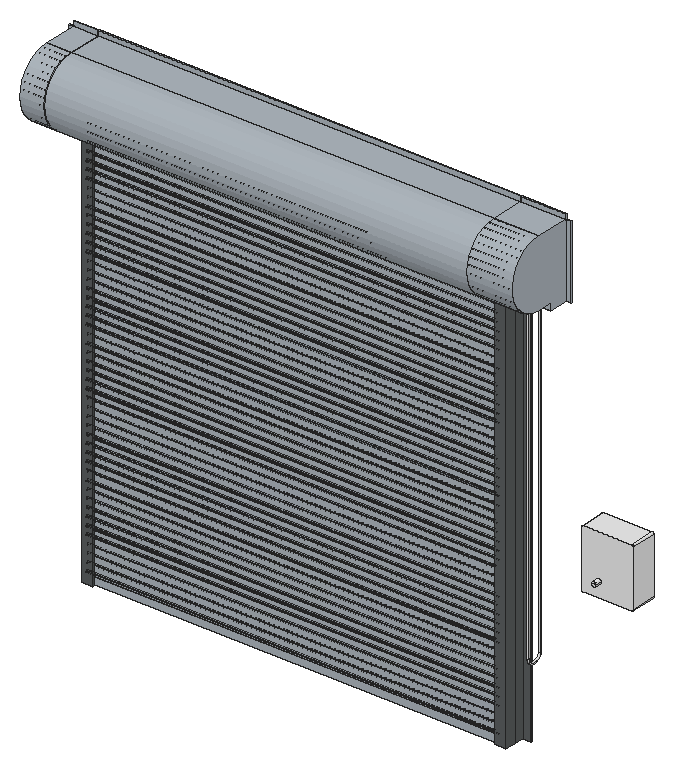
Revit family "Doors_Industrial_Wayne-Dalton_Advanced-Rolling-Door-System-Model-800C-ADV_", category Specialty Equipment, host Wall, Revit 2019 (continued)
Definition of nested family "Warning Sign"
  Lines and regions (in)
    model lines
      curve 13: arc (-2.29479, 1, 8.63537) -> (0, 1, 6.34057) -> (2.29479, 1, 8.63537) r 2.29479
      curve 14: arc (2.29479, 1, 8.63537) -> (0, 1, 10.93016) -> (-2.29479, 1, 8.63537) r 2.29479
      curve 15: arc (-1.6331, 1, 13.97069) -> (0.03439, 1, 12.53727) -> (1.69278, 1, 13.98121) r 1.68043
      curve 16: line (-3.77413, 1, 28.37873) -> (-1.6331, 1, 13.97069)
      curve 17: line (1.69278, 1, 13.98121) -> (3.73924, 1, 28.37873)
      curve 18: arc (3.73924, 1, 28.37873) -> (-0.01745, 1, 32.13541) -> (-3.77413, 1, 28.37873) r 3.75668
      curve 19: line (-2.26129, -0.5, 45.69444) -> (-26.3817, -0.5, 3.91667)
      curve 20: line (-25.25106, -0.5, 3.26389) -> (-1.13064, -0.5, 45.04167)
      curve 21: arc (2.26129, -0.5, 45.69444) -> (0, -0.5, 47) -> (-2.26129, -0.5, 45.69444) r 2.61111
      curve 22: arc (-1.13064, -0.5, 45.04167) -> (0, -0.5, 45.69444) -> (1.13064, -0.5, 45.04167) r 1.30556
      curve 23: line (1.13064, -0.5, 45.04167) -> (25.25106, -0.5, 3.26389)
      curve 24: line (26.3817, -0.5, 3.91667) -> (2.26129, -0.5, 45.69444)
      curve 25: arc (25.25106, -0.5, 3.26389) -> (25.25106, -0.5, 1.95833) -> (24.12041, -0.5, 1.30556) r 1.30556
      curve 26: arc (24.12041, -0.5, 0) -> (26.3817, -0.5, 1.30556) -> (26.3817, -0.5, 3.91667) r 2.61111
      curve 27: line (24.12041, -0.5, 1.30556) -> (-24.12041, -0.5, 1.30556)
      curve 28: line (-24.12041, -0.5, 0) -> (24.12041, -0.5, 0)
      curve 29: arc (-24.12041, -0.5, 1.30556) -> (-25.25106, -0.5, 1.95833) -> (-25.25106, -0.5, 3.26389) r 1.30556
      curve 30: arc (-26.3817, -0.5, 3.91667) -> (-26.3817, -0.5, 1.30556) -> (-24.12041, -0.5, 0) r 2.61111
      curve 31: arc (-2.29479, -0.5, 8.63537) -> (0, -0.5, 6.34057) -> (2.29479, -0.5, 8.63537) r 2.29479
      curve 32: arc (2.29479, -0.5, 8.63537) -> (0, -0.5, 10.93016) -> (-2.29479, -0.5, 8.63537) r 2.29479
      curve 33: arc (-1.6331, -0.5, 13.97069) -> (0.03439, -0.5, 12.53727) -> (1.69278, -0.5, 13.98121) r 1.68043
      curve 34: line (-3.77413, -0.5, 28.37873) -> (-1.6331, -0.5, 13.97069)
      curve 35: line (1.69278, -0.5, 13.98121) -> (3.73924, -0.5, 28.37873)
      curve 36: arc (3.73924, -0.5, 28.37873) -> (-0.01745, -0.5, 32.13541) -> (-3.77413, -0.5, 28.37873) r 3.75668
  Dimensions and locks (in)
    locked: plane 1 "Center (Front/Back)" to plane 4 at 0.5
    equal spacing: plane 1 "Center (Front/Back)", plane 7, plane 4
    locked: plane 4 to plane 6 at 0.5
    locked: plane 5 to plane 1 "Center (Front/Back)" at 0.5
    aligned and locked: plane 2 to level
  Automatic sketch dimensions
    curve 21 to curve 22 = 0"  (x2)
    curve 25 to curve 26 = 0"  (x2)
    curve 29 to curve 30 = 0"  (x2)
    curve 31 to curve 32 = 0"  (x2)
    curve 21 to plane 3 "Center (Left/Right)" = 0"
    curve 31 to plane 3 "Center (Left/Right)" = 0"
    curve 30 to level = 0"
    level to curve 27 = 1.30556"
    curve 26 to curve 27 = 1.30556"
    curve 29 to curve 27 = 1.30556"
    curve 23 to curve 25 = 0.65278"
    curve 20 to curve 29 = 0.65278"
    curve 24 to curve 23 = 0.65278"
    curve 19 to curve 20 = 0.65278"
    level to curve 32 = 8.63537"
    curve 34 to plane 3 "Center (Left/Right)" = 1.6331"
    curve 34 to curve 31 = 5.33532"
    plane 3 "Center (Left/Right)" to curve 35 = 1.69278"
    curve 35 to curve 34 = 0.01052"
    plane 3 "Center (Left/Right)" to curve 33 = 0.02908"
    curve 36 to plane 3 "Center (Left/Right)" = 0.01745"
    curve 36 to curve 33 = 14.16104"
    curve 22 to curve 36 = 16.01016"
    plane 3 "Center (Left/Right)" to curve 23 = 1.13064"
    curve 23 to curve 21 = 0.65278"
    curve 20 to plane 3 "Center (Left/Right)" = 1.13064"
    plane 3 "Center (Left/Right)" to curve 24 = 2.26129"
    curve 24 to curve 22 = 0.65278"
    curve 19 to plane 3 "Center (Left/Right)" = 2.26129"
    curve 34 to curve 36 = 3.75668"
    curve 30 to plane 3 "Center (Left/Right)" = 24.12041"
    plane 3 "Center (Left/Right)" to curve 25 = 24.12041"
    curve 31 to curve 31 = 2.29479"
    curve 3 to curve 4 = 0"  (x2)
    curve 7 to curve 8 = 0"  (x2)
    curve 11 to curve 12 = 0"  (x2)
    curve 13 to curve 14 = 0"  (x2)
    curve 3 to plane 3 "Center (Left/Right)" = 0"
    curve 13 to plane 3 "Center (Left/Right)" = 0"
    curve 12 to level = 0"
    level to curve 9 = 1.30556"
    curve 8 to curve 9 = 1.30556"
    curve 11 to curve 9 = 1.30556"
    curve 5 to curve 7 = 0.65278"
    curve 2 to curve 11 = 0.65278"
    curve 6 to curve 5 = 0.65278"
    curve 1 to curve 2 = 0.65278"
    level to curve 14 = 8.63537"
    curve 16 to plane 3 "Center (Left/Right)" = 1.6331"
    curve 16 to curve 13 = 5.33532"
    plane 3 "Center (Left/Right)" to curve 17 = 1.69278"
    curve 17 to curve 16 = 0.01052"
    plane 3 "Center (Left/Right)" to curve 15 = 0.02908"
    curve 18 to plane 3 "Center (Left/Right)" = 0.01745"
    curve 18 to curve 15 = 14.16104"
    curve 4 to curve 18 = 16.01016"
    plane 3 "Center (Left/Right)" to curve 5 = 1.13064"
    curve 5 to curve 3 = 0.65278"
    curve 2 to plane 3 "Center (Left/Right)" = 1.13064"
    plane 3 "Center (Left/Right)" to curve 6 = 2.26129"
    curve 6 to curve 4 = 0.65278"
    curve 1 to plane 3 "Center (Left/Right)" = 2.26129"
    curve 16 to curve 18 = 3.75668"
    curve 12 to plane 3 "Center (Left/Right)" = 24.12041"
    plane 3 "Center (Left/Right)" to curve 7 = 24.12041"
    curve 13 to curve 13 = 2.29479"
Types (6): name | Voltage | Number of Poles | Apparent Load Phase 3 | Apparent Load Phase 2 | Apparent Load Phase 1
  208 volts, one phase, 60 Hz (208-240V range) | 208 V | 1 | 0 VA | 0 VA | 4160 VA
  208 volts, three phase, 60 Hz (208-240V range) | 208 V | 3 | 2401.78 VA | 2401.78 VA | 2401.78 VA
  220 volts, one phase, 60 Hz (220-240V range) | 220 V | 1 | 0 VA | 0 VA | 4400 VA
  230 volts, three phase, 60 Hz (220-240V range) | 230 V | 3 | 2655.81 VA | 2655.81 VA | 2655.81 VA
  460 volts, three phase, 60 Hz (440-480 V range) | 460 V | 3 | 5311.62 VA | 5311.62 VA | 5311.62 VA
  575 volts, three phase, 60 Hz | 575 V | 3 | 6639.53 VA | 6639.53 VA | 6639.53 VA
